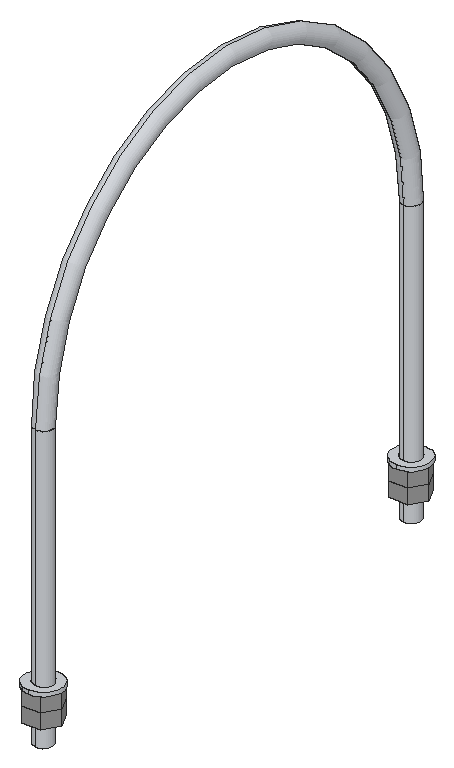
Revit family "TH_U_Bolt", category Pipe Accessories, Revit 2023
Family settings
  Round Connector Dimension = Use Diameter
  Part Type = Normal
  OmniClass Number = 23.25.30.21.14
  OmniClass Title = Trussed Beams and Joists
  Work Plane-Based = Yes
  Always vertical = No
  Cut with Voids When Loaded = No
  Shared = No
Parameters (values of type "TH_U Bolt")
  System_Type [instance] = ""
  R 2 [instance] = DN / 2 + 5 mm + 2 mm  # 127 mm
  R [instance] = DN / 2 + 5 mm  # 125 mm
  Material [instance] = none
  L [instance] = R + 30 mm  # 155 mm
  Default Elevation = 1219.2 mm
  D_Ubolt [instance] = 10 mm
  DN [instance] = 240 mm
Reference planes
  plane 1 "Center (Front/Back)": y = 0
  plane 2: z = 0
  plane 3 "Center (Left/Right)": x = 0
  plane 4: z = -155
  plane 5: z = -127
  plane 6: z = -135.136
  plane 7 "Center L/U": y = -125
  plane 8 "Center L/V": y = 125
Forms (mm)
  Sweep 1, solid, material <- "Material"
    path origin (0, 0, 0) x (0, -1, 0) y (0, 0, 1)
      loop
        line (124.999, -155) -> (124.999, -0.457)
        arc (124.999, -0.457) -> (0.012, 125) -> (-124.999, -0.434) r 125
        line (-124.999, -0.434) -> (-124.999, -155)
    profile origin (0, -0.012, 125) x (0, 0.000092, -1) y (-1, 0, 0)
      loop
        circle (0, 0) r 5
Dimensions and locks
  "L": level to plane 4
  "R": plane 1 "Center (Front/Back)" to plane 7 "Center L/U"
  "R": plane 8 "Center L/V" to plane 1 "Center (Front/Back)"
  locked: plane 5 to plane 6 at 8.136
  "R 2": plane 2 to plane 5
  "R": radius of Sweep 1 sketch curve
  "D_Ubolt": diameter of Sweep 1 sketch curve
  aligned and locked: plane 2 to level
  aligned and locked: Sweep 1 sketch curve to plane 4
  aligned and locked: plane 4 to Sweep 1 sketch curve
  aligned and locked: plane 5 to nested 1  (x2)
  aligned and locked: plane 6 to nested 1
  aligned and locked: plane 6 to nested 2
  aligned and locked: plane 6 to nested 4
  aligned and locked: plane 5 to nested 3  (x2)
  aligned and locked: plane 7 "Center L/U" to nested 4
  aligned and locked: plane 7 "Center L/U" to nested 3
  aligned and locked: plane 8 "Center L/V" to nested 2
  aligned and locked: plane 8 "Center L/V" to nested 1
  aligned and locked: plane 7 "Center L/U" to nested 5
  aligned and locked: nested 5 to plane 5
  aligned and locked: nested 6 to plane 5
  aligned and locked: plane 8 "Center L/V" to nested 6
Automatic sketch dimensions
  Sweep 1 sketch curve to level = 0 mm
  Sweep 1 sketch curve to plane 1 "Center (Front/Back)" = 0 mm
  plane 8 "Center L/V" to Sweep 1 sketch curve = 0.001 mm
  Sweep 1 sketch curve to plane 7 "Center L/U" = 0.001 mm
  Sweep 1 sketch curve to profile plane = 0 mm
  profile plane to Sweep 1 sketch curve = 0 mm
Nested families
  nested 1: "NUT- M10" at (0, 125, 0) x (0, -1, 0) z (0, 0, 1), type "NUT- M10"
    with L 127 mm
  nested 2: "NUT- M10" at (0, 125, -17.072) x (0, -1, 0) z (0, 0, 1), type "NUT- M10"
    with L 118.064 mm
  nested 3: "NUT- M10" at (0, -125, -12.5) x (0, -1, 0) z (0, 0, 1), type "NUT- M10"
    with L 114.5 mm
  nested 4: "NUT- M10" at (0, -125, -17.072) x (0, -1, 0) z (0, 0, 1), type "NUT- M10"
    with L 118.064 mm
  nested 5: "TH_Flat Washer_DIN125_R19" at (0, -125, -127) x (0, -1, 0) z (0, 0, 1), type "Flat Washer"
    with FlatWasher_Thickness 2 mm, FlatWasher_OutsideDiameter 20 mm, FlatWasher_InsideDiameter 10.5 mm, DSC_Washer_Type "M10"
  nested 6: "TH_Flat Washer_DIN125_R19" at (0, 125, -127) x (0, -1, 0) z (0, 0, 1), type "Flat Washer"
    with FlatWasher_Thickness 2 mm, FlatWasher_OutsideDiameter 20 mm, FlatWasher_InsideDiameter 10.5 mm, DSC_Washer_Type "M10"
Definition of nested family "NUT- M10"
  Parameters (values of type "NUT- M10")
    e = 19.6 mm
    T = 8.136 mm
    L [instance] = 100 mm
    Default Elevation = 0 mm
    B = 17 mm
    Assembly Code = "031700012"
    Manufacturer = "WURTH"
  Reference planes
    plane 1 "中心(前/后)": y = 0
    plane 2: z = 0
    plane 3 "中心(左/右)": x = 0
    plane 4: z = -100
    plane 5: z = -108.136
    plane 6: z = -114.136
  Forms (mm)
    Extrusion 1, solid
      sketch origin (0, 0, -75) x (1, 0, 0) y (0, 1, 0)
        loop
          circle (0, 0) r 5
        loop
          line (8.5, 5.196) -> (0, 9.8) -> (-8.5, 5.196) -> (-8.5, -5.196) -> (0, -9.8) -> (8.5, -5.196) -> (8.5, 5.196)
      from -33.136 to -25
  Dimensions and locks
    "e": Extrusion 1 sketch curve to Extrusion 1 sketch curve
    Extrusion 1 sketch curve to Extrusion 1 sketch curve = 17 mm
    "B": Extrusion 1 sketch curve to Extrusion 1 sketch curve
    Extrusion 1 sketch curve to Extrusion 1 sketch curve = 19.6 mm
    "T": plane 4 to plane 5
    plane 5 to plane 6 = 6 mm
    "L": plane 2 to plane 4
    aligned and locked: level to plane 2
    aligned and locked: plane 5 to Extrusion 1
    aligned and locked: plane 4 to Extrusion 1
  Automatic sketch dimensions
    Extrusion 1 sketch curve to plane 3 "中心(左/右)" = 0 mm  (x3)
    plane 1 "中心(前/后)" to Extrusion 1 sketch curve = 0 mm
    Extrusion 1 sketch curve to plane 3 "中心(左/右)" = 8.5 mm
    plane 1 "中心(前/后)" to Extrusion 1 sketch curve = 5.196 mm  (x2)
    Extrusion 1 sketch curve to Extrusion 1 sketch curve = 4.604 mm
    Extrusion 1 sketch curve to plane 1 "中心(前/后)" = 5.196 mm  (x2)
    radius of Extrusion 1 sketch curve = 5 mm
Definition of nested family "TH_Flat Washer_DIN125_R19"
  Parameters (values of type "Flat Washer")
    FlatWasher_Thickness [instance] = size_lookup(DSC_Lookup Table, "s", 2 mm, DSC_Washer_Type)  # 9 mm
    FlatWasher_OutsideDiameter [instance] = size_lookup(DSC_Lookup Table, "d2", 2 mm, DSC_Washer_Type)  # 115 mm
    FlatWasher_InsideDiameter [instance] = size_lookup(DSC_Lookup Table, "d1", 2 mm, DSC_Washer_Type)  # 66 mm
    Default Elevation = 0 mm
    DSC_Washer_Type [instance] = "M64"
    DSC_Lookup Table = "DA_FlatWasher_DIN 125"  # constant formula
  Reference planes
    plane 1 "Center (Front/Back)": y = 0
    plane 2: z = 0
    plane 3 "Center (Left/Right)": x = 0
    plane 4: z = 9
  Forms (mm)
    Extrusion 1, solid
      sketch origin (0, 0, 0) x (1, 0, 0) y (0, 1, 0)
        loop
          circle (0, 0) r 57.5
        loop
          circle (0, 0) r 33
      from 0 to 9
  Dimensions and locks
    "FlatWasher_Thickness": level to plane 4
    "FlatWasher_InsideDiameter": diameter of Extrusion 1 sketch curve
    "FlatWasher_OutsideDiameter": diameter of Extrusion 1 sketch curve
    aligned and locked: level to plane 2
    aligned and locked: Extrusion 1 to level
    aligned and locked: plane 4 to Extrusion 1
  Automatic sketch dimensions
    Extrusion 1 sketch curve to Extrusion 1 sketch curve = 0 mm  (x2)
    plane 1 "Center (Front/Back)" to Extrusion 1 sketch curve = 0 mm
    Extrusion 1 sketch curve to plane 3 "Center (Left/Right)" = 0 mm
